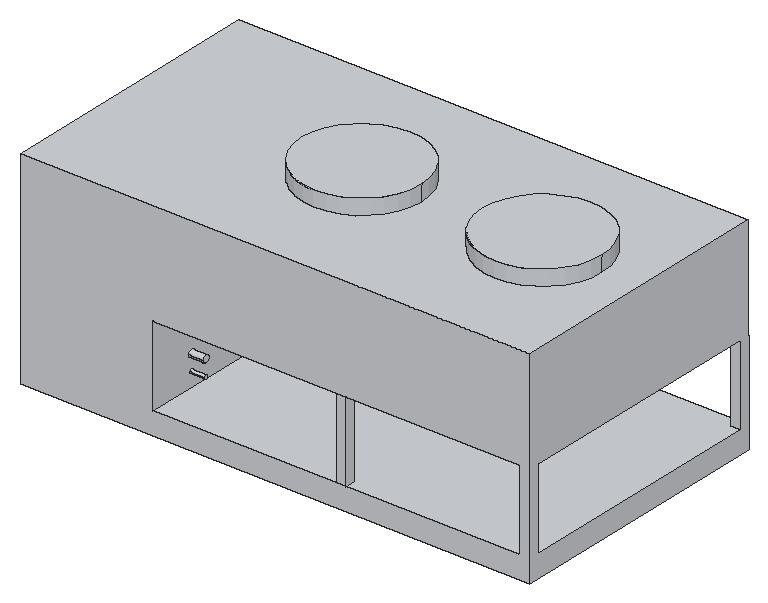
Revit family "M_Unidade de condensação - Resfriado a ar - DX - 88-141 kW", category Equipamento mecânico, Revit 2019
Family settings
  Cota do conector redondo = Usar raio
  Tipo de parte = Normal
  Número OmniClass = 23.75.10.24.21.11.11
  Título OmniClass = Packaged Refrigerant Condensing Coils and Fan Units
  ID de item do Seek = Condensing Unit - Air Cooled - DX - 88-141  kW-0000-CAN-ENU
  Com base no plano de trabalho = Não
  Sempre na vertical = Sim
  Corte com vazios quando carregada = Não
  Compartilhado = Não
  Ponto de cálculo do ambiente = Não
Parameters (values of type "88 kW")
  Voltagem = 460 V
  Visibilidade 2 = no
  Visibilidade 1 = yes
  Largura da unidade = 1741.5 mm
  Material da unidade = none
  Comprimento da unidade = 3246.4 mm
  Altura da unidade = 1314.5 mm
  Raio da saída = 10 mm
  Diâmetro da saída = Raio da saída * 2  # 20 mm
  Número de pólos = 3
  Carga máxima de operação = 7620 mm
  Classificação de carga = Refrigeração
  Comprimento 2 = (Comprimento da unidade - 846.931 mm) / 2  # 1199.734 mm
  Comprimento 1 = (Comprimento da unidade - 846.931 mm) / 3  # 799.823 mm
  Raio da embocadura = 20 mm
  Diâmetro da embocadura = Raio da embocadura * 2  # 40 mm
  Altura 1 = 1412.9 mm
  C2 Deslocamento1 = 344.5 mm
  C1 Deslocamento2 = 296.9 mm
  C1 Deslocamento1 = 241.3 mm
  Carga aparente = 22900 VA
Types (4, lengths in mm): name | Visibilidade 2 | Visibilidade 1 | Comprimento da unidade | Comprimento 2 | Comprimento 1 | Raio da embocadura | Diâmetro da embocadura | Carga aparente
  (no name) | no | yes | 3246.4 | 1199.734 | 799.823 | 20 | 40 | 22900 VA
  88 kW | no | yes | 3246.4 | 1199.734 | 799.823 | 20 | 40 | 22900 VA
  105 kW | no | yes | 3246.4 | 1199.734 | 799.823 | 25 | 50 | 25900 VA
  141 kW | yes | no | 4422.8 | 1787.934 | 1191.956 | 25 | 50 | 34400 VA
Reference planes
  plane 1 "Centro (Frente/Trás)": y = 0
  plane 2: z = 0
  plane 3 "Centro (Esquerda/Direita)": x = 0
  plane 4: x = 3246.4
  plane 5: z = 1314.5
  plane 6: z = 1412.9
  plane 7: y = 1741.5
  plane 8: x = 846.931
  plane 9: z = 142.081
  plane 10: z = 657.25
  plane 11: y = 870.75
  plane 12: x = 946.15
  plane 13: y = 61.912
  plane 14: y = 1679.587
  plane 15: z = 241.3
  plane 16: z = 344.5
  plane 17: y = 296.9
  plane 18: z = 79.375
  plane 19: x = 139.7
  plane 20: x = 3184.488
  plane 21: x = 2046.666
  plane 22: x = 2077.622
  plane 23: x = 2015.709
  plane 24: x = 1480.93
  plane 25: x = 2631.055
  plane 26: x = 2634.853
  plane 27: x = 1646.754
  plane 28: x = 2446.577
  plane 29: x = 1615.798
  plane 30: x = 1677.71
  plane 31: x = 2415.621
  plane 32: x = 2477.533
  plane 33: x = 1246.843
  plane 34: x = 2046.666
  plane 35: x = 2846.489
Forms (mm)
  Extrusion 1, solid, material <- "Material da unidade"
    sketch origin (0, 0, 0) x (1, 0, 0) y (0, 0, 1)
      loop
        line (0, 1314.5) -> (0, 0) -> (846.931, 0) -> (846.931, 1314.5) -> (0, 1314.5)
    from 0 to -1741.5
  Extrusion 2, solid, material <- "Material da unidade"
    sketch origin (0, 0, 0) x (0, 1, 0) y (0, 0, 1)
      loop
        circle (296.9, 241.3) r 10
    from 846.931 to 946.15
  Extrusion 3, solid, material <- "Material da unidade"
    sketch origin (0, 0, 0) x (0, 1, 0) y (0, 0, 1)
      loop
        circle (296.9, 344.5) r 20
    from 846.931 to 946.15
  Extrusion 4, solid, material <- "Material da unidade"
    sketch origin (0, 0, 0) x (1, 0, 0) y (0, 0, 1)
      loop
        circle (139.7, 79.375) r 12.7
    from -61.912 to 0
  Extrusion 5, solid, material <- "Material da unidade"
    sketch origin (0, 0, 0) x (1, 0, 0) y (0, 0, 1)
      loop
        line (846.931, 1314.5) -> (846.931, 657.25) -> (3246.4, 657.25) -> (3246.4, 1314.5) -> (846.931, 1314.5)
    from -1741.5 to 0
  Extrusion 6, solid, material <- "Material da unidade"
    sketch origin (0, 0, 0) x (1, 0, 0) y (0, 0, 1)
      loop
        line (846.931, 142.081) -> (846.931, 0) -> (3246.4, 0) -> (3246.4, 142.081) -> (846.931, 142.081)
    from -1741.5 to 0
  Extrusion 7, solid, material <- "Material da unidade", visible <- "Visibilidade 1"
    sketch origin (0, 0, 0) x (1, 0, 0) y (0, 0, 1)
      loop
        line (2015.709, 657.25) -> (2015.709, 142.081) -> (2077.622, 142.081) -> (2077.622, 657.25) -> (2015.709, 657.25)
    from -1741.5 to -1679.588
  Extrusion 8, solid, material <- "Material da unidade"
    sketch origin (1168.797, 0, -49.212) x (1, 0, 0) y (0, 0, 1)
      loop
        line (2015.691, 706.463) -> (2015.691, 191.294) -> (2077.603, 191.294) -> (2077.603, 706.463) -> (2015.691, 706.463)
    from -1741.5 to -1679.588
  Extrusion 9, solid, material <- "Material da unidade", visible <- "Visibilidade 1"
    sketch origin (0, 0, 0) x (1, 0, 0) y (0, 0, 1)
      loop
        line (2015.709, 657.25) -> (2015.709, 142.081) -> (2077.622, 142.081) -> (2077.622, 657.25) -> (2015.709, 657.25)
    from -61.913 to 0
  Extrusion 10, solid, material <- "Material da unidade"
    sketch origin (711.2, 0, 0) x (1, 0, 0) y (0, 0, 1)
      loop
        line (2473.288, 657.25) -> (2473.288, 142.081) -> (2535.2, 142.081) -> (2535.2, 657.25) -> (2473.288, 657.25)
    from -61.913 to 0
  Extrusion 11, solid, material <- "Material da unidade", visible <- "Visibilidade 1"
    sketch origin (0, 0, 0) x (1, 0, 0) y (0, 1, 0)
      loop
        circle (1480.93, 870.75) r 381
    from 1314.5 to 1412.9
  Extrusion 12, solid, material <- "Material da unidade", visible <- "Visibilidade 1"
    sketch origin (1150.144, 0, 0) x (1, 0, 0) y (0, 1, 0)
      loop
        circle (1480.911, 870.75) r 381
    from 1314.5 to 1412.9
  Extrusion 13, solid, material <- "Material da unidade", visible <- "Visibilidade 2"
    sketch origin (0, 0, 0) x (1, 0, 0) y (0, 0, 1)
      loop
        line (1615.798, 657.25) -> (1615.798, 142.081) -> (1677.71, 142.081) -> (1677.71, 657.25) -> (1615.798, 657.25)
    from -1741.5 to -1679.588
  Extrusion 14, solid, material <- "Material da unidade", visible <- "Visibilidade 2"
    sketch origin (1191.948, 0, 0) x (1, 0, 0) y (0, 0, 1)
      loop
        line (1223.673, 657.25) -> (1223.673, 142.081) -> (1285.585, 142.081) -> (1285.585, 657.25) -> (1223.673, 657.25)
    from -1741.5 to -1679.588
  Extrusion 15, solid, material <- "Material da unidade", visible <- "Visibilidade 2"
    sketch origin (0, 0, 0) x (1, 0, 0) y (0, 0, 1)
      loop
        line (1615.798, 657.25) -> (1615.798, 142.081) -> (1677.71, 142.081) -> (1677.71, 657.25) -> (1615.798, 657.25)
    from -61.913 to 0
  Extrusion 16, solid, material <- "Material da unidade", visible <- "Visibilidade 2"
    sketch origin (0, 0, 0) x (1, 0, 0) y (0, 0, 1)
      loop
        line (2415.621, 657.25) -> (2415.621, 142.081) -> (2477.533, 142.081) -> (2477.533, 657.25) -> (2415.621, 657.25)
    from -61.913 to 0
  Extrusion 17, solid, material <- "Material da unidade", visible <- "Visibilidade 2"
    sketch origin (0, 0, 0) x (1, 0, 0) y (0, 1, 0)
      loop
        circle (1246.843, 870.75) r 381
    from 1314.5 to 1412.9
  Extrusion 18, solid, material <- "Material da unidade", visible <- "Visibilidade 2"
    sketch origin (1191.948, 0, 0) x (1, 0, 0) y (0, 1, 0)
      loop
        circle (854.718, 870.75) r 381
    from 1314.5 to 1412.9
  Extrusion 19, solid, material <- "Material da unidade", visible <- "Visibilidade 2"
    sketch origin (2383.896, 0, 0) x (1, 0, 0) y (0, 1, 0)
      loop
        circle (462.593, 870.75) r 381
    from 1314.5 to 1412.9
  Extrusion 20, solid, material <- "Material da unidade"
    sketch origin (0, 0, 0) x (1, 0, 0) y (0, 0, 1)
      loop
        circle (139.7, 79.375) r 12.7
    from -61.913 to 0
Cuts and joins
  joined: Extrusion 1, Extrusion 2, Extrusion 3, Extrusion 4, Extrusion 5, Extrusion 6, Extrusion 8, Extrusion 10, Extrusion 20
Dimensions and locks
  "Comprimento da unidade": plane 4 to plane 3 "Centro (Esquerda/Direita)"
  "Altura da unidade": plane 5 to plane 2
  "Altura 1": plane 6 to plane 2
  "Largura da unidade": plane 7 to plane 1 "Centro (Frente/Trás)"
  locked: plane 8 to plane 3 "Centro (Esquerda/Direita)" at 846.931
  locked: plane 9 to plane 2 at 142.081
  equal spacing: plane 5, plane 10, plane 2
  equal spacing: plane 7, plane 11, plane 1 "Centro (Frente/Trás)"
  locked: plane 12 to plane 3 "Centro (Esquerda/Direita)" at 946.15
  locked: plane 1 "Centro (Frente/Trás)" to plane 13 at 61.913
  locked: plane 7 to plane 14 at 61.913
  "C1 Deslocamento1": plane 15 to plane 2
  "C2 Deslocamento1": plane 16 to plane 2
  "C1 Deslocamento2": plane 17 to plane 1 "Centro (Frente/Trás)"
  locked: plane 18 to plane 2 at 79.375
  locked: plane 19 to plane 3 "Centro (Esquerda/Direita)" at 139.7
  locked: plane 4 to plane 20 at 61.913
  "Comprimento 2": plane 21 to plane 8
  equal spacing: plane 22, plane 21, plane 23
  equal spacing: plane 23, plane 24, plane 12
  equal spacing: plane 22, plane 25, plane 20
  "Comprimento 1": plane 8 to plane 27
  "Comprimento 1": plane 27 to plane 28
  locked: plane 29 to plane 30 at 61.912
  locked: plane 23 to plane 22 at 61.913
  equal spacing: plane 29, plane 27, plane 30
  locked: plane 31 to plane 32 at 61.912
  equal spacing: plane 31, plane 28, plane 32
  equal spacing: plane 8, plane 33, plane 27
  equal spacing: plane 27, plane 34, plane 28
  equal spacing: plane 28, plane 35, plane 4
  "Raio da saída": radius of Extrusion 2 sketch curve
  "Raio da embocadura": radius of Extrusion 3 sketch curve
  radius of Extrusion 4 sketch curve = 12.7 mm
  radius of Extrusion 11 sketch curve = 381 mm
  radius of Extrusion 12 sketch curve = 381 mm
  radius of Extrusion 17 sketch curve = 381 mm
  radius of Extrusion 18 sketch curve = 381 mm
  radius of Extrusion 19 sketch curve = 381 mm
  radius of Extrusion 20 sketch curve = 12.7 mm
  aligned and locked: Extrusion 1 sketch curve to plane 5
  aligned and locked: plane 3 "Centro (Esquerda/Direita)" to Extrusion 1 sketch curve
  aligned and locked: plane 2 to Extrusion 1 sketch curve
  aligned and locked: plane 7 to Extrusion 1
  aligned and locked: plane 1 "Centro (Frente/Trás)" to Extrusion 1
  aligned and locked: plane 15 to Extrusion 2 sketch curve
  aligned and locked: plane 17 to Extrusion 2 sketch curve
  aligned and locked: plane 16 to Extrusion 3 sketch curve
  aligned and locked: plane 17 to Extrusion 3 sketch curve
  aligned and locked: Extrusion 3 to plane 8
  aligned and locked: plane 12 to Extrusion 3
  aligned and locked: plane 12 to Extrusion 2
  aligned and locked: Extrusion 2 to plane 8
  aligned and locked: plane 18 to Extrusion 4 sketch curve
  aligned and locked: plane 19 to Extrusion 4 sketch curve
  aligned and locked: Extrusion 4 to plane 13
  aligned and locked: plane 1 "Centro (Frente/Trás)" to Extrusion 4
  aligned and locked: Extrusion 1 sketch curve to plane 8
  aligned and locked: Extrusion 5 sketch curve to plane 5
  aligned and locked: plane 8 to Extrusion 5 sketch curve
  aligned and locked: Extrusion 5 sketch curve to plane 4
  aligned and locked: Extrusion 5 sketch curve to plane 10
  aligned and locked: Extrusion 5 to plane 7
  aligned and locked: plane 1 "Centro (Frente/Trás)" to Extrusion 5
  aligned and locked: Extrusion 6 sketch curve to plane 9
  aligned and locked: plane 8 to Extrusion 6 sketch curve
  aligned and locked: Extrusion 6 sketch curve to plane 2
  aligned and locked: Extrusion 6 sketch curve to plane 4
  aligned and locked: Extrusion 6 to plane 7
  aligned and locked: plane 1 "Centro (Frente/Trás)" to Extrusion 6
  aligned and locked: plane 23 to Extrusion 7 sketch curve
  aligned and locked: Extrusion 5 to Extrusion 7 sketch curve
  aligned and locked: Extrusion 6 to Extrusion 7 sketch curve
  aligned and locked: plane 22 to Extrusion 7 sketch curve
  aligned and locked: plane 20 to Extrusion 8 sketch curve
  aligned and locked: Extrusion 8 sketch curve to plane 4
  aligned and locked: plane 10 to Extrusion 8 sketch curve
  aligned and locked: Extrusion 8 sketch curve to plane 9
  aligned and locked: plane 7 to Extrusion 7
  aligned and locked: Extrusion 7 to plane 14
  aligned and locked: plane 7 to Extrusion 8
  aligned and locked: Extrusion 8 to plane 14
  aligned and locked: plane 10 to Extrusion 9 sketch curve
  aligned and locked: Extrusion 9 sketch curve to plane 9
  aligned and locked: plane 22 to Extrusion 9 sketch curve
  aligned and locked: plane 23 to Extrusion 9 sketch curve
  aligned and locked: Extrusion 10 sketch curve to plane 4
  aligned and locked: plane 20 to Extrusion 10 sketch curve
  aligned and locked: Extrusion 10 sketch curve to plane 9
  aligned and locked: plane 10 to Extrusion 10 sketch curve
  aligned and locked: plane 1 "Centro (Frente/Trás)" to Extrusion 9
  aligned and locked: Extrusion 9 to plane 13
  aligned and locked: plane 1 "Centro (Frente/Trás)" to Extrusion 10
  aligned and locked: Extrusion 10 to plane 13
  aligned and locked: plane 11 to Extrusion 11 sketch curve
  aligned and locked: plane 24 to Extrusion 11 sketch curve
  aligned and locked: Extrusion 12 sketch curve to plane 11
  aligned and locked: plane 25 to Extrusion 12 sketch curve
  aligned and locked: Extrusion 11 to plane 6
  aligned and locked: Extrusion 11 to plane 5
  aligned and locked: Extrusion 12 to plane 6
  aligned and locked: plane 5 to Extrusion 12
  aligned and locked: plane 29 to Extrusion 13 sketch curve
  aligned and locked: Extrusion 5 to Extrusion 13 sketch curve
  aligned and locked: Extrusion 6 to Extrusion 13 sketch curve
  aligned and locked: Extrusion 13 sketch curve to plane 30
  aligned and locked: Extrusion 14 sketch curve to plane 31
  aligned and locked: plane 10 to Extrusion 14 sketch curve
  aligned and locked: Extrusion 14 sketch curve to plane 9
  aligned and locked: Extrusion 14 sketch curve to plane 32
  aligned and locked: plane 7 to Extrusion 13
  aligned and locked: Extrusion 13 to plane 14
  aligned and locked: plane 7 to Extrusion 14
  aligned and locked: Extrusion 14 to plane 14
  aligned and locked: Extrusion 15 sketch curve to plane 10
  aligned and locked: Extrusion 15 sketch curve to plane 30
  aligned and locked: Extrusion 15 sketch curve to plane 29
  aligned and locked: Extrusion 15 sketch curve to plane 9
  aligned and locked: Extrusion 16 sketch curve to plane 32
  aligned and locked: Extrusion 16 sketch curve to plane 31
  aligned and locked: plane 10 to Extrusion 16 sketch curve
  aligned and locked: Extrusion 16 sketch curve to plane 9
  aligned and locked: Extrusion 15 to plane 13
  aligned and locked: plane 1 "Centro (Frente/Trás)" to Extrusion 15
  aligned and locked: Extrusion 16 to plane 13
  aligned and locked: plane 1 "Centro (Frente/Trás)" to Extrusion 16
  aligned and locked: plane 11 to Extrusion 17 sketch curve
  aligned and locked: plane 33 to Extrusion 17 sketch curve
  aligned and locked: Extrusion 18 sketch curve to plane 11
  aligned and locked: plane 34 to Extrusion 18 sketch curve
  aligned and locked: Extrusion 19 sketch curve to plane 11
  aligned and locked: plane 35 to Extrusion 19 sketch curve
  aligned and locked: plane 6 to Extrusion 17
  aligned and locked: Extrusion 17 to plane 5
  aligned and locked: Extrusion 18 to plane 6
  aligned and locked: plane 5 to Extrusion 18
  aligned and locked: Extrusion 19 to plane 6
  aligned and locked: plane 5 to Extrusion 19
  aligned and locked: plane 18 to Extrusion 20 sketch curve
  aligned and locked: plane 19 to Extrusion 20 sketch curve
  aligned and locked: Extrusion 20 to plane 13
  aligned and locked: plane 1 "Centro (Frente/Trás)" to Extrusion 20
Automatic sketch dimensions
  Extrusion 7 sketch curve to plane 10 = 0 mm
Connectors
  piping at (946.15, 296.9, 241.3), diameter 20, driven by "Raio da saída"
    settings: on cut or joined group 1 (Extrusion 1, Extrusion 2, Extrusion 3, Extrusion 4, Extrusion 5, Extrusion 6, Extrusion 8, Extrusion 10, Extrusion 20), index 1, connector inside diameter 20 mm, connector length 0 mm, flow factor 0, pipe flow 0.0 L/s, pressure drop 0.0 Pa, fitting loss kfactor 0, connector angle 0.00°, fixture units 0, engagement length 0 mm, angle of deflection 0.00°, flow configuration 0, flow direction 2, fitting loss method 0, system type 22, joint type 0, gender type 0, connector reference index 2, connector utility 0, adjustable connector no, is connector primary yes, connector description "Saída de material criogênico"
  piping at (946.15, 296.9, 344.5), diameter 40, driven by "Raio da embocadura"
    settings: on cut or joined group 1, index 2, connector inside diameter 40 mm, connector length 0 mm, flow factor 0, pipe flow 0.0 L/s, pressure drop 0.0 Pa, fitting loss kfactor 0, connector angle 0.00°, fixture units 0, engagement length 0 mm, angle of deflection 0.00°, flow configuration 0, flow direction 1, fitting loss method 0, system type 22, joint type 0, gender type 0, connector reference index 1, connector utility 0, adjustable connector no, is connector primary no, connector description "Entrada de material criogênico"
  electrical at (139.7, 0, 79.375), driven by "Carga aparente", driven by "Voltagem", driven by "Número de pólos", driven by "Classificação de carga"
    settings: on Extrusion 20, index 3, voltage 460 V, apparent load 22900 VA, apparent load phase1 0 VA, apparent load phase2 0 VA, apparent load phase3 0 VA, power factor 0.8, load classification "Refrigeração", number of poles 3, system type 30, power factor state 1, is connector primary yes, connector utility no, sub classification motor no, connector description ""
